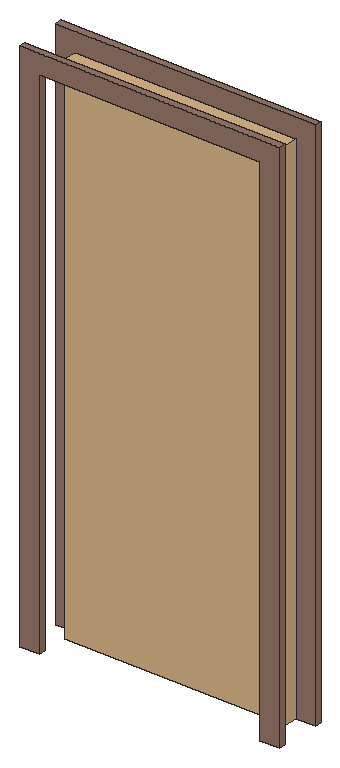
Revit family "npaa - Door - Single Flush_Fixed2014", category Doors, host Wall, Revit 2014
Parameters (values of type "0864 x 2032mm")
  Thickness = 51.00 mm
  Handle Height = 900.00 mm
  Function = Interior
  Door Material = Door - Panel
  Frame Material = Door - Frame
  Height = 2032.00 mm
  Trim Projection Ext = 25.00 mm
  Trim Projection Int = 25.00 mm
  Trim Width = 76.00 mm
  Wall Closure = By host
  Width = 864.00 mm
  Assembly Code = ""
  Analytic Construction = "<None>"
Types (9, lengths in mm): name | Handle Height | Door Material | Frame Material | Height | Width
  0915 x 2134mm | 1035.739 | Door - Panel | Door - Frame | 2134.00 | 915.00
  0864 x 2134mm | 1035.739 | Door - Panel | Door - Frame | 2134.00 | 864.00
  0813 x 2134mm | 1035.739 | Door - Panel | Door - Frame | 2134.00 | 813.00
  0762 x 2134mm | 1035.739 | Door - Panel | Door - Frame | 2134.00 | 762.00
  0762 x 2032mm | 1035.739 | Door - Panel | Door - Frame | 2032.00 | 762.00
  0915 x 2032mm | 1035.739 | Door - Panel | Door - Frame | 2032.00 | 915.00
  0864 x 2032mm | 900.00 | Door - Panel | Door - Frame | 2032.00 | 864.00
  0915 x 2032mm 2 | 1035.739 | Door - Panel 2 | Door - Frame 2 | 2032.00 | 915.00
  2700 x 2700 | 1035.739 | Door - Panel | Door - Frame | 2700.00 | 2700.00
Reference planes
  plane 1: y = 0
  plane 2: z = 0
  plane 3: x = 0
  plane 4: x = -432
  plane 5: x = 432
  plane 6: z = 2032
  plane 7: y = 944.057
  plane 8: y = 80.057
  plane 9: z = 900
Forms (mm)
  Extrusion 1, solid, material "Door - Panel" <- "Door Material"
    sketch origin (0, 0, 0) x (1, 0, 0) y (0, 0, 1)
      loop
        line (-432, 2032) -> (-432, 0) -> (432, 0) -> (432, 2032) -> (-432, 2032)
    from -76.2 to -25.2
  Extrusion 2, solid, material "Door - Frame" <- "Frame Material"
    sketch origin (-1524, -76.2, 0) x (1, 0, 0) y (0, 0, 1)
      loop
        line (1016, 2108) -> (1016, 0) -> (1092, 0) -> (1092, 2032) -> (1956, 2032) -> (1956, 0) -> (2032, 0) -> (2032, 2108) -> (1016, 2108)
    from 0 to 25
  Extrusion 3, solid, material "Door - Frame" <- "Frame Material"
    sketch origin (-1524, 76.2, 0) x (-1, 0, 0) y (0, 0, 1)
      loop
        line (-2032, 2108) -> (-2032, 0) -> (-1956, 0) -> (-1956, 2032) -> (-1092, 2032) -> (-1092, 0) -> (-1016, 0) -> (-1016, 2108) -> (-2032, 2108)
    from 0 to 25
Lines and regions (mm)
  Opening 1
    outline origin (-1524, -76.2, 3657.6) x (0, 0, -1) y (1, 0, 0)
      loop
        line (1625.6, 1092) -> (3657.6, 1092) -> (3657.6, 1956) -> (1625.6, 1956) -> (1625.6, 1092)
  symbolic lines, style "DoorsPanelProjection"
    curve 1: line (432, 76.2, 0) -> (381, 76.2, 0)
    curve 2: line (432, 76.2, 0) -> (432, 944.057, 0)
    curve 3: line (381, 76.2, 0) -> (381, 944.057, 0)
    curve 13: line (432, 944.057, 0) -> (381, 944.057, 0)
  model lines, style "DoorsFrameMullionProjection"
    curve 4: line (-508, -76.2, 0) -> (-508, -76.2, 2108)
    curve 5: line (-508, -76.2, 2108) -> (508, -76.2, 2108)
    curve 6: line (508, -76.2, 2108) -> (508, -76.2, 0)
    curve 7: line (508, 76.2, 0) -> (508, 76.2, 2108)
    curve 8: line (-508, 76.2, 2108) -> (508, 76.2, 2108)
    curve 9: line (-508, 76.2, 2108) -> (-508, 76.2, 0)
  symbolic lines, style "Elevation Swing"
    curve 10: line (432, 0, 2032) -> (-432, 0, 900)
    curve 11: line (-432, 0, 900) -> (432, 0, 0)
  symbolic lines, style "Plan Swing"
    curve 12: arc (381, 944.057, 0) -> (-200.372, 672.598, 0) -> (-437, 76.2, 0) r 869
Dimensions and locks
  equal spacing: plane 4, plane 3, plane 5
  "Width": plane 4 to plane 5
  locked: host wall to curve 1
  control icon elem to plane 5 = 236.408 mm
  "Height": plane 6 to plane 2
  "Trim Width": plane 4 to curve 4
  "Trim Width": plane 5 to curve 6
  "Trim Width": plane 6 to curve 5
  locked: curve 8 to host wall
  "Trim Projection Ext": Extrusion 3 to host wall
  "Trim Projection Int": Extrusion 2 to host wall
  "Thickness": curve 3 to plane 5
  "Thickness": Extrusion 1 to host wall
  "Width": plane 7 to plane 8
  "Handle Height": plane 9 to plane 2
  aligned and locked: host wall to Extrusion 1
  aligned and locked: plane 2 to curve 4
  aligned and locked: curve 6 to level
  aligned and locked: curve 7 to curve 6
  aligned and locked: curve 5 to Extrusion 2 sketch curve
  aligned and locked: Extrusion 2 sketch curve to curve 4
  aligned and locked: Extrusion 2 sketch curve to curve 6
  aligned and locked: Extrusion 2 to Extrusion 3 sketch curve
  aligned and locked: Extrusion 3 sketch curve to Extrusion 2  (x2)
  aligned and locked: plane 7 to curve 13
Automatic sketch dimensions
  plane 5 to Opening 1 sketch curve = 0.00 mm
  Opening 1 sketch curve to plane 6 = 0.00 mm
  Opening 1 sketch curve to level = 0.00 mm
  plane 4 to Opening 1 sketch curve = 0.00 mm
  Extrusion 1 sketch curve to level = 0.00 mm
  plane 4 to Extrusion 1 sketch curve = 0.00 mm
  plane 5 to Extrusion 1 sketch curve = 0.00 mm
  Extrusion 1 sketch curve to plane 6 = 0.00 mm
  Extrusion 2 sketch curve to level = 0.00 mm  (x2)
  plane 4 to Extrusion 2 sketch curve = 0.00 mm
  plane 5 to Extrusion 2 sketch curve = 0.00 mm
  Extrusion 2 sketch curve to plane 6 = 0.00 mm
  plane 5 to Extrusion 3 sketch curve = 0.00 mm
  plane 4 to Extrusion 3 sketch curve = 0.00 mm
  Extrusion 3 sketch curve to level = 0.00 mm  (x2)
  Extrusion 3 sketch curve to plane 6 = 0.00 mm
  curve 13 to plane 5 = 0.00 mm
  curve 12 to host wall = 0.00 mm
  curve 12 to plane 5 = 0.00 mm
  plane 5 to curve 12 = 51.00 mm
  plane 4 to curve 12 = 5.00 mm
  curve 12 to plane 7 = 0.00 mm
  plane 5 to curve 10 = 0.00 mm
  curve 10 to plane 6 = 0.00 mm
  plane 4 to curve 10 = 0.00 mm
  curve 10 to plane 9 = 0.00 mm
  curve 9 to level = 0.00 mm
  curve 7 to level = 0.00 mm
  curve 11 to level = 0.00 mm
  plane 5 to curve 11 = 0.00 mm
  curve 8 to curve 4 = 0.00 mm
  curve 9 to curve 4 = 0.00 mm
